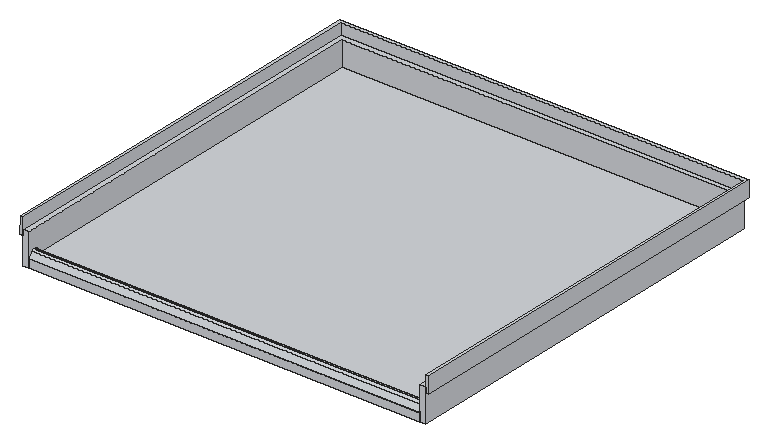
Revit family "Shower_Base-Willoughby AS-S3636ADAF-R", category Plumbing Fixtures, Revit 2015
Parameters (values of type "Right Drain")
  Waste Connection = no
  Vent Connection = no
  URL = "https://www.willoughby-ind.com/wp-content/uploads/2018/01/AS-S3636ADAF.pdf"
  Revision = "A"
  Model = "AS-S3636ADAF-R"
  Manufacturer = "Willoughby Industries"
  Location Drain = 2' - 5 3/4"
  HW Connection = no
  Drain Front Edge = 0' - 3 1/2"
  Description = "36\" X 36\" Shower Base, Front Trench, Right Drain"
  Contact number = "(800) 428-4065"
  CW Connection = no
Reference planes (in)
  plane 1 "Center (Front/Back)": y = 0
  plane 2: z = 0
  plane 3 "Center (Left/Right)": x = 0
Forms (in)
  Extrusion 1, solid
    sketch origin (0, 0, 0) x (1, 0, 0) y (0, 1, 0)
      loop
        line (-18, 0) -> (-18, -18) -> (18, -18) -> (18, 18) -> (-18, 18) -> (-18, 0)
    from 0 to 0.75
  Extrusion 2, solid
    sketch origin (0, 0, 0) x (1, 0, 0) y (0, 1, 0)
      loop
        line (-18, -18) -> (-18, 18) -> (18, 18) -> (18, -18) -> (18.5, -18) -> (18.5, 18.5) -> (-18.5, 18.5) -> (-18.5, -18) -> (-18, -18)
    from 0 to 3
  Extrusion 3, solid
    sketch origin (0, 0, 0) x (1, 0, 0) y (0, 1, 0)
      loop
        line (-18.75, -18) -> (-18.5, -18) -> (-18.5, 18.5) -> (18.5, 18.5) -> (18.5, -18) -> (18.75, -18) -> (18.75, 18.75) -> (-18.75, 18.75) -> (-18.75, -18)
    from 2.5 to 4
  Extrusion 4, solid
    sketch origin (0, 0, 0) x (1, 0, 0) y (0, 1, 0)
      loop
        circle (11, -14.5) r 1
    from -1.5625 to 0
  Extrusion 5, solid
    sketch origin (0, 0, 0) x (0, 1, 0) y (0, 0, 1)
      loop
        line (-18, 0.75) -> (-16.875, 0.75) -> (-17.18771, 1.27118)
        arc (-17.18771, 1.27118) -> (-17.26968, 1.34416) -> (-17.375, 1.375) r 0.25
        line (-17.375, 1.375) -> (-17.5, 1.375)
        arc (-17.5, 1.375) -> (-17.60532, 1.34416) -> (-17.68729, 1.27118) r 0.25
        line (-17.68729, 1.27118) -> (-18, 0.75)
    from -18 to 18
Dimensions and locks (in)
  "Drain Front Edge": Extrusion 1 to Extrusion 4 sketch curve
  "Location Drain": Extrusion 3 to Extrusion 4 sketch curve
  aligned and locked: level to plane 2
Automatic sketch dimensions
  plane 1 "Center (Front/Back)" to Extrusion 1 sketch curve = 0' - 0"
  Extrusion 1 sketch curve to plane 3 "Center (Left/Right)" = 1' - 6"
  plane 3 "Center (Left/Right)" to Extrusion 1 sketch curve = 1' - 6"
  plane 1 "Center (Front/Back)" to Extrusion 1 sketch curve = 1' - 6"
  Extrusion 1 sketch curve to plane 1 "Center (Front/Back)" = 1' - 6"
  Extrusion 2 sketch curve to plane 3 "Center (Left/Right)" = 1' - 6 1/2"
  Extrusion 2 sketch curve to Extrusion 2 sketch curve = 0' - 0 1/2"  (x3)
  plane 3 "Center (Left/Right)" to Extrusion 2 sketch curve = 1' - 6"
  plane 1 "Center (Front/Back)" to Extrusion 2 sketch curve = 1' - 6"  (x2)
  Extrusion 2 sketch curve to plane 1 "Center (Front/Back)" = 1' - 6"
  Extrusion 3 sketch curve to plane 3 "Center (Left/Right)" = 1' - 6 3/4"
  Extrusion 3 sketch curve to Extrusion 3 sketch curve = 0' - 0 1/4"  (x3)
  plane 3 "Center (Left/Right)" to Extrusion 3 sketch curve = 1' - 6 1/2"
  plane 1 "Center (Front/Back)" to Extrusion 3 sketch curve = 1' - 6"  (x2)
  Extrusion 3 sketch curve to plane 1 "Center (Front/Back)" = 1' - 6 1/2"
  level to Extrusion 5 sketch curve = 0' - 0 3/4"
  plane 1 "Center (Front/Back)" to Extrusion 5 sketch curve = 1' - 6"
  level to Extrusion 5 sketch curve = 0' - 1.27118"  (x2)
  Extrusion 5 sketch curve to Extrusion 5 sketch curve = 0' - 0.31271"  (x2)
  Extrusion 5 sketch curve to Extrusion 5 sketch curve = 0' - 0.18729"  (x2)
  Extrusion 5 sketch curve to Extrusion 5 sketch curve = 0' - 0.20317"
  Extrusion 5 sketch curve to Extrusion 5 sketch curve = 0' - 0.09324"
  Extrusion 5 sketch curve to Extrusion 5 sketch curve = 0' - 0 1/8"
  Extrusion 5 sketch curve to Extrusion 5 sketch curve = 0' - 0.14568"
  radius of Extrusion 4 sketch curve = 0' - 1"
